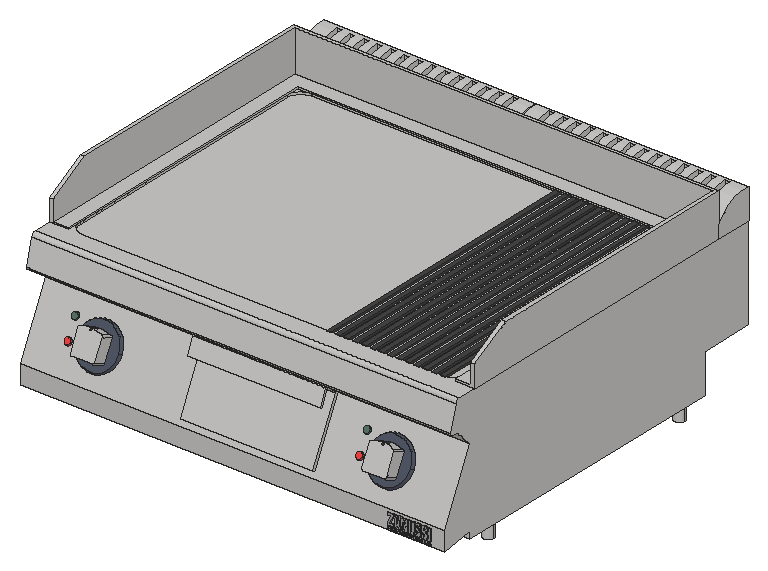
Revit family "QF_ZANUSSI_372347_Z7IIMDAOMEA", category Specialty Equipment, Revit 2018 (continued)
Automatic sketch dimensions
  Extrusion 32 sketch curve to plane 4 "RIGHT" = 196.102 mm
  Extrusion 32 sketch curve to Extrusion 32 sketch curve = 9 mm
  Extrusion 32 sketch curve to plane 10 "TOP A" = 3.2 mm
  Extrusion 33 sketch curve to plane 10 "TOP A" = 0 mm
  Extrusion 33 sketch curve to plane 4 "RIGHT" = 179.602 mm
  Extrusion 33 sketch curve to Extrusion 33 sketch curve = 9 mm
  Extrusion 33 sketch curve to plane 10 "TOP A" = 3.2 mm
  Extrusion 34 sketch curve to plane 10 "TOP A" = 0 mm
  Extrusion 34 sketch curve to plane 4 "RIGHT" = 163.102 mm
  Extrusion 34 sketch curve to Extrusion 34 sketch curve = 9 mm
  Extrusion 34 sketch curve to plane 10 "TOP A" = 3.2 mm
  Extrusion 35 sketch curve to plane 10 "TOP A" = 0 mm
  Extrusion 35 sketch curve to plane 4 "RIGHT" = 146.602 mm
  Extrusion 35 sketch curve to Extrusion 35 sketch curve = 9 mm
  Extrusion 35 sketch curve to plane 10 "TOP A" = 3.2 mm
  Extrusion 36 sketch curve to plane 10 "TOP A" = 0 mm
  Extrusion 36 sketch curve to plane 4 "RIGHT" = 130.102 mm
  Extrusion 36 sketch curve to Extrusion 36 sketch curve = 9 mm
  Extrusion 36 sketch curve to plane 10 "TOP A" = 3.2 mm
  Extrusion 37 sketch curve to plane 10 "TOP A" = 0 mm
  Extrusion 37 sketch curve to plane 4 "RIGHT" = 113.602 mm
  Extrusion 37 sketch curve to Extrusion 37 sketch curve = 9 mm
  Extrusion 37 sketch curve to plane 10 "TOP A" = 3.2 mm
  Extrusion 38 sketch curve to plane 10 "TOP A" = 0 mm
  Extrusion 38 sketch curve to plane 4 "RIGHT" = 97.102 mm
  Extrusion 38 sketch curve to Extrusion 38 sketch curve = 9 mm
  Extrusion 38 sketch curve to plane 10 "TOP A" = 3.2 mm
  Extrusion 39 sketch curve to plane 10 "TOP A" = 0 mm
  Extrusion 39 sketch curve to plane 4 "RIGHT" = 80.602 mm
  Extrusion 39 sketch curve to Extrusion 39 sketch curve = 9 mm
  Extrusion 39 sketch curve to plane 10 "TOP A" = 3.2 mm
  Extrusion 40 sketch curve to plane 10 "TOP A" = 0 mm
  Extrusion 40 sketch curve to plane 4 "RIGHT" = 64.102 mm
  Extrusion 40 sketch curve to Extrusion 40 sketch curve = 9 mm
  Extrusion 40 sketch curve to plane 10 "TOP A" = 3.2 mm
  curve 177 to curve 178 = 16.5 mm
  curve 178 to curve 179 = 16.5 mm
  curve 179 to curve 180 = 16.5 mm
  curve 180 to curve 181 = 16.5 mm
  curve 181 to curve 182 = 16.5 mm
  curve 182 to curve 183 = 16.5 mm
  curve 183 to curve 184 = 16.5 mm
  curve 184 to curve 185 = 16.5 mm
  curve 185 to curve 186 = 16.5 mm
  curve 186 to curve 187 = 16.5 mm
  curve 187 to curve 188 = 16.475 mm
  curve 188 to curve 189 = 16.5 mm
  curve 189 to curve 190 = 16.1 mm
  curve 143 to curve 189 = 18.876 mm
  curve 188 to curve 189 = 0 mm  (x2)
  curve 187 to curve 188 = 0 mm  (x2)
  curve 189 to curve 190 = 0 mm  (x2)
  curve 186 to curve 187 = 0 mm  (x2)
  curve 185 to curve 186 = 0 mm
  curve 184 to curve 185 = 0 mm  (x2)
  curve 183 to curve 184 = 0 mm  (x2)
  curve 177 to curve 178 = 0 mm  (x2)
  curve 182 to curve 183 = 0 mm  (x2)
  curve 181 to curve 182 = 0 mm  (x2)
  curve 180 to curve 181 = 0 mm  (x2)
  curve 178 to curve 179 = 0 mm  (x2)
  curve 178 to curve 120 = 40.974 mm
  curve 179 to curve 180 = 0 mm  (x2)
  curve 189 to curve 92 = 40.974 mm
  curve 177 to curve 121 = 6.156 mm
  radius of Extrusion 3 sketch curve = 9.525 mm  (x4)
  radius of Extrusion 4 sketch curve = 6.35 mm
  radius of Blend 15 sketch curve = 42.5 mm
  radius of Blend 15 sketch curve = 40.5 mm
  radius of Extrusion 18 sketch curve = 6 mm
  radius of Split face 1 sketch curve = 1.5 mm
  radius of Split face 2 sketch curve = 1.5 mm
  radius of Split face 3 sketch curve = 1.5 mm
  radius of Split face 4 sketch curve = 1.5 mm
  radius of Split face 5 sketch curve = 1.5 mm
  radius of Split face 6 sketch curve = 1.5 mm
  radius of Split face 7 sketch curve = 1.5 mm
  radius of Split face 8 sketch curve = 1.5 mm
  radius of Split face 9 sketch curve = 1.5 mm
  radius of Extrusion 20 sketch curve = 6 mm
  radius of Blend 21 sketch curve = 42.5 mm
  radius of Blend 21 sketch curve = 40.5 mm
  radius of Extrusion 24 sketch curve = 6 mm
  radius of Split face 10 sketch curve = 1.5 mm
  radius of Split face 11 sketch curve = 1.5 mm
  radius of Split face 12 sketch curve = 1.5 mm
  radius of Split face 13 sketch curve = 1.5 mm
  radius of Split face 14 sketch curve = 1.5 mm
  radius of Split face 15 sketch curve = 1.5 mm
  radius of Split face 16 sketch curve = 1.5 mm
  radius of Split face 17 sketch curve = 1.5 mm
  radius of Split face 18 sketch curve = 1.5 mm
  radius of Extrusion 26 sketch curve = 6 mm
Nested families
  nested 1: "ZAN_Logo_S_Grey_Professional" at (733.976, -715, 676.615) x (1, 0, 0) z (0, -1, 0), type "ZAN_Logo_S_Grey_Professional"
Connectors
  electrical at (749.2, -98.425, 688)
    settings: on Extrusion 4, index 1, voltage 0 V, apparent load 0 VA, apparent load phase1 0 VA, apparent load phase2 0 VA, apparent load phase3 0 VA, power factor 1, load classification "Other", number of poles 1, system type 30, power factor state 1, is connector primary yes, connector utility no, sub classification motor no, connector description "Electrical Connector"
Definition of nested family "ZAN_Logo_S_Grey_Professional"
  Parameters (values of type "ZAN_Logo_S_Grey_Professional")
    Default Elevation = 0 mm
    Materiale = none
  Reference planes
    plane 1 "Centro (Fronte/Retro)": y = 0
    plane 2: z = 0
    plane 3 "Centro (Sinistra/Destra)": x = 0
  Forms (mm)
    Extrusion 1, solid
      sketch origin (0, 0, 0) x (1, 0, 0) y (0, 1, 0)
        loop
          line (-1219.2, 1219.2) -> (-1219.2, -1219.2) -> (1219.2, -1219.2) -> (1219.2, 1219.2) -> (-1219.2, 1219.2)
      from 0 to -304.8
    Extrusion 2, solid, material <- "Materiale"
      sketch origin (17.793, -46.218, 0) x (-1, 0, 0) y (0, -1, 0)
        loop
          spline (-1.644, -54.786) -> (-1.034, -55.008) -> (-0.403, -55.173) -> (0.241, -55.279) -> (0.893, -55.327) -> (1.547, -55.314) -> (2.197, -55.242) -> (2.836, -55.109) -> (3.458, -54.916) -> (4.058, -54.662) -> (4.629, -54.345) -> (5.165, -53.967) -> (5.66, -53.526)
          spline (5.66, -53.526) -> (5.954, -53.066) -> (6.206, -52.57) -> (6.417, -52.047) -> (6.588, -51.502) -> (6.718, -50.944) -> (6.809, -50.378) -> (6.86, -49.813) -> (6.872, -49.254) -> (6.846, -48.71) -> (6.782, -48.186) -> (6.68, -47.691) -> (6.541, -47.23)
          line (6.541, -47.23) -> (4.526, -44.334) -> (2.386, -42.445)
          spline (2.386, -42.445) -> (2.16, -42.258) -> (1.927, -42.074) -> (1.689, -41.89) -> (1.448, -41.703) -> (1.207, -41.512) -> (0.969, -41.312) -> (0.736, -41.101) -> (0.511, -40.878) -> (0.296, -40.639) -> (0.095, -40.381) -> (-0.091, -40.103) -> (-0.259, -39.8)
          spline (-0.259, -39.8) -> (-0.29, -39.607) -> (-0.318, -39.405) -> (-0.339, -39.197) -> (-0.352, -38.984) -> (-0.352, -38.771) -> (-0.337, -38.557) -> (-0.304, -38.346) -> (-0.249, -38.14) -> (-0.17, -37.941) -> (-0.063, -37.751) -> (0.074, -37.573) -> (0.245, -37.408)
          line (0.245, -37.408) -> (1.882, -37.282)
          spline (1.882, -37.282) -> (2.188, -37.491) -> (2.42, -37.736) -> (2.586, -38.012) -> (2.698, -38.313) -> (2.765, -38.633) -> (2.795, -38.966) -> (2.799, -39.308) -> (2.787, -39.651) -> (2.767, -39.991) -> (2.751, -40.322) -> (2.746, -40.638) -> (2.763, -40.934)
          line (2.763, -40.934) -> (7.171, -40.934)
          spline (7.171, -40.934) -> (7.223, -40.399) -> (7.252, -39.866) -> (7.257, -39.336) -> (7.236, -38.812) -> (7.187, -38.295) -> (7.108, -37.786) -> (6.997, -37.288) -> (6.854, -36.802) -> (6.675, -36.33) -> (6.46, -35.874) -> (6.206, -35.435) -> (5.912, -35.015)
          spline (5.912, -35.015) -> (5.55, -34.687) -> (5.16, -34.396) -> (4.745, -34.14) -> (4.307, -33.92) -> (3.85, -33.734) -> (3.377, -33.583) -> (2.891, -33.466) -> (2.395, -33.383) -> (1.892, -33.333) -> (1.385, -33.316) -> (0.877, -33.331) -> (0.371, -33.378)
          spline (0.371, -33.378) -> (-0.163, -33.462) -> (-0.693, -33.587) -> (-1.213, -33.752) -> (-1.718, -33.957) -> (-2.205, -34.2) -> (-2.667, -34.48) -> (-3.1, -34.798) -> (-3.5, -35.151) -> (-3.861, -35.539) -> (-4.179, -35.961) -> (-4.449, -36.417) -> (-4.666, -36.904)
          spline (-4.666, -36.904) -> (-4.8, -37.505) -> (-4.888, -38.107) -> (-4.93, -38.709) -> (-4.927, -39.306) -> (-4.881, -39.897) -> (-4.792, -40.477) -> (-4.661, -41.045) -> (-4.489, -41.596) -> (-4.276, -42.128) -> (-4.025, -42.638) -> (-3.735, -43.122) -> (-3.407, -43.578)
          line (-3.407, -43.578) -> (1.63, -48.112) -> (2.26, -48.867)
          spline (2.26, -48.867) -> (2.325, -49.027) -> (2.392, -49.191) -> (2.459, -49.359) -> (2.521, -49.529) -> (2.576, -49.702) -> (2.622, -49.874) -> (2.654, -50.047) -> (2.67, -50.22) -> (2.667, -50.39) -> (2.642, -50.558) -> (2.591, -50.722) -> (2.512, -50.882)
          spline (2.512, -50.882) -> (2.439, -51.029) -> (2.347, -51.157) -> (2.24, -51.266) -> (2.12, -51.358) -> (1.989, -51.434) -> (1.851, -51.496) -> (1.707, -51.545) -> (1.56, -51.582) -> (1.414, -51.608) -> (1.27, -51.625) -> (1.131, -51.635) -> (1.001, -51.638)
          line (1.001, -51.638) -> (-0.259, -50.756) -> (-0.385, -48.112) -> (-4.54, -48.112)
          spline (-4.54, -48.112) -> (-4.545, -48.463) -> (-4.556, -48.822) -> (-4.572, -49.188) -> (-4.587, -49.557) -> (-4.598, -49.929) -> (-4.603, -50.3) -> (-4.597, -50.668) -> (-4.577, -51.031) -> (-4.54, -51.388) -> (-4.482, -51.735) -> (-4.399, -52.071) -> (-4.288, -52.393)
          spline (-4.288, -52.393) -> (-4.176, -52.644) -> (-4.031, -52.894) -> (-3.857, -53.139) -> (-3.659, -53.377) -> (-3.439, -53.607) -> (-3.202, -53.825) -> (-2.952, -54.031) -> (-2.693, -54.221) -> (-2.429, -54.394) -> (-2.163, -54.547) -> (-1.9, -54.678) -> (-1.644, -54.786)
        loop
          spline (-16.755, -52.519) -> (-16.407, -53.083) -> (-15.998, -53.58) -> (-15.535, -54.012) -> (-15.024, -54.38) -> (-14.474, -54.684) -> (-13.89, -54.927) -> (-13.28, -55.11) -> (-12.651, -55.233) -> (-12.009, -55.299) -> (-11.362, -55.308) -> (-10.717, -55.263) -> (-10.081, -55.163)
          spline (-10.081, -55.163) -> (-9.638, -55.08) -> (-9.196, -54.956) -> (-8.761, -54.793) -> (-8.336, -54.594) -> (-7.93, -54.36) -> (-7.547, -54.093) -> (-7.192, -53.794) -> (-6.872, -53.466) -> (-6.592, -53.109) -> (-6.358, -52.726) -> (-6.176, -52.319) -> (-6.051, -51.889)
          spline (-6.051, -51.889) -> (-5.857, -51.316) -> (-5.715, -50.731) -> (-5.626, -50.14) -> (-5.589, -49.548) -> (-5.605, -48.959) -> (-5.673, -48.379) -> (-5.794, -47.812) -> (-5.967, -47.263) -> (-6.193, -46.736) -> (-6.471, -46.237) -> (-6.802, -45.771) -> (-7.185, -45.341)
          line (-7.185, -45.341) -> (-11.844, -41.186) -> (-12.851, -39.675)
          spline (-12.851, -39.675) -> (-12.882, -39.483) -> (-12.91, -39.288) -> (-12.934, -39.09) -> (-12.949, -38.891) -> (-12.954, -38.692) -> (-12.946, -38.494) -> (-12.921, -38.299) -> (-12.879, -38.108) -> (-12.816, -37.922) -> (-12.729, -37.742) -> (-12.615, -37.57) -> (-12.473, -37.408)
          line (-12.473, -37.408) -> (-11.214, -37.156)
          spline (-11.214, -37.156) -> (-10.768, -37.262) -> (-10.429, -37.445) -> (-10.183, -37.695) -> (-10.015, -38) -> (-9.912, -38.349) -> (-9.86, -38.73) -> (-9.845, -39.132) -> (-9.852, -39.544) -> (-9.868, -39.954) -> (-9.879, -40.351) -> (-9.871, -40.723) -> (-9.829, -41.06)
          line (-9.829, -41.06) -> (-5.422, -40.934)
          spline (-5.422, -40.934) -> (-5.367, -40.392) -> (-5.333, -39.839) -> (-5.323, -39.279) -> (-5.342, -38.719) -> (-5.395, -38.162) -> (-5.485, -37.613) -> (-5.616, -37.077) -> (-5.795, -36.559) -> (-6.024, -36.064) -> (-6.308, -35.597) -> (-6.651, -35.162) -> (-7.059, -34.764)
          spline (-7.059, -34.764) -> (-7.58, -34.383) -> (-8.132, -34.06) -> (-8.711, -33.794) -> (-9.311, -33.584) -> (-9.927, -33.43) -> (-10.553, -33.331) -> (-11.184, -33.288) -> (-11.816, -33.299) -> (-12.442, -33.365) -> (-13.057, -33.484) -> (-13.657, -33.657) -> (-14.236, -33.882)
          spline (-14.236, -33.882) -> (-14.49, -33.99) -> (-14.747, -34.121) -> (-15.006, -34.276) -> (-15.262, -34.451) -> (-15.515, -34.646) -> (-15.763, -34.858) -> (-16.003, -35.086) -> (-16.232, -35.328) -> (-16.45, -35.582) -> (-16.653, -35.847) -> (-16.839, -36.12) -> (-17.007, -36.401)
          spline (-17.007, -36.401) -> (-17.229, -37.006) -> (-17.395, -37.624) -> (-17.502, -38.25) -> (-17.552, -38.882) -> (-17.544, -39.515) -> (-17.479, -40.147) -> (-17.355, -40.773) -> (-17.174, -41.391) -> (-16.936, -41.996) -> (-16.639, -42.586) -> (-16.285, -43.157) -> (-15.873, -43.704)
          line (-15.873, -43.704) -> (-10.584, -48.489) -> (-9.955, -50.126) -> (-10.459, -51.386) -> (-11.592, -51.638) -> (-12.851, -50.756) -> (-12.977, -48.238) -> (-17.258, -48.112)
          spline (-17.258, -48.112) -> (-17.236, -48.492) -> (-17.23, -48.875) -> (-17.233, -49.261) -> (-17.24, -49.646) -> (-17.245, -50.03) -> (-17.243, -50.41) -> (-17.227, -50.785) -> (-17.193, -51.152) -> (-17.134, -51.512) -> (-17.046, -51.86) -> (-16.921, -52.196) -> (-16.755, -52.519)
        loop
          line (-18.014, -33.378) -> (-22.421, -33.378) -> (-22.421, -54.911) -> (-18.014, -54.911) -> (-18.014, -33.378)
        loop
          line (14.852, -38.541) -> (14.852, -54.911) -> (19.259, -54.911) -> (19.259, -40.43) -> (19.008, -36.904) -> (18.63, -36.023) -> (17.748, -34.89) -> (16.867, -34.26) -> (15.104, -33.504) -> (14.223, -33.378) -> (12.208, -33.378) -> (11.2, -33.63) -> (9.689, -34.512) -> (7.926, -37.03) -> (7.8, -37.912) -> (7.8, -54.911) -> (12.208, -54.911) -> (12.208, -38.919) -> (12.711, -37.786) -> (14.097, -37.66) -> (14.852, -38.541)
        loop
          line (20.267, -54.911) -> (24.296, -54.911) -> (24.296, -41.186) -> (27.948, -54.911) -> (32.607, -54.911) -> (32.607, -33.378) -> (28.704, -33.378) -> (28.704, -47.608) -> (25.052, -33.378) -> (20.267, -33.378) -> (20.267, -54.911)
        loop
          line (47.089, -54.911) -> (58.044, -54.911) -> (58.044, -50.882) -> (52.251, -51.008) -> (58.548, -37.786) -> (58.548, -33.378) -> (47.089, -33.378) -> (47.089, -37.786) -> (53.698, -37.786) -> (47.089, -51.26) -> (47.089, -54.911)
        loop
          line (36.889, -54.911) -> (42.933, -54.911) -> (46.837, -33.378) -> (42.303, -33.378) -> (41.674, -37.534) -> (38.022, -37.534) -> (37.392, -33.378) -> (32.859, -33.378) -> (36.889, -54.911)
        loop
          line (41.17, -41.438) -> (38.652, -41.438) -> (39.911, -51.231) -> (41.17, -41.438)
        loop
          line (57.627, -27.599) -> (56.511, -27.599)
          arc (56.511, -27.599) -> (55.334, -29.219) -> (56.822, -30.559) r 1.496
          line (56.822, -30.559) -> (58.548, -30.559) -> (58.548, -26.082) -> (57.627, -26.082) -> (57.627, -27.599)
        loop
          line (57.627, -29.713) -> (57.627, -28.464) -> (56.699, -28.464)
          arc (56.699, -28.464) -> (56.24, -29.089) -> (56.699, -29.713) r 0.654
          line (56.699, -29.713) -> (57.627, -29.713)
        loop
          line (50.633, -27.625) -> (49.682, -27.625) -> (48.755, -26.082) -> (47.711, -26.082) -> (48.871, -27.993)
          arc (48.871, -27.993) -> (48.433, -29.601) -> (49.798, -30.559) r 1.45
          line (49.798, -30.559) -> (51.553, -30.559) -> (51.553, -26.082) -> (50.633, -26.082) -> (50.633, -27.625)
        loop
          line (50.633, -29.713) -> (50.633, -28.464) -> (49.705, -28.464)
          arc (49.705, -28.464) -> (49.245, -29.089) -> (49.705, -29.713) r 0.654
          line (49.705, -29.713) -> (50.633, -29.713)
        loop
          line (36.111, -26.082) -> (35.19, -26.082) -> (35.19, -27.797) -> (33.505, -27.797) -> (33.505, -28.718) -> (35.19, -28.718) -> (35.19, -29.639) -> (33.344, -29.639) -> (33.344, -30.559) -> (36.111, -30.559) -> (36.111, -26.082)
        loop
          line (29.546, -26.082) -> (26.666, -26.082) -> (26.666, -27.002) -> (28.626, -27.002) -> (28.626, -27.797) -> (26.835, -27.797) -> (26.835, -28.718) -> (28.626, -28.718) -> (28.626, -29.639) -> (26.71, -29.639) -> (26.71, -30.559) -> (29.546, -30.559) -> (29.546, -26.082)
        loop
          line (9.21, -26.082) -> (8.289, -26.082) -> (8.289, -30.559) -> (9.21, -30.559) -> (9.21, -26.082)
        loop
          line (-5.024, -26.082) -> (-5.024, -28.898) -> (-7.072, -26.082) -> (-7.993, -26.082) -> (-7.993, -30.559) -> (-7.037, -30.559) -> (-7.037, -27.659) -> (-4.989, -30.559) -> (-4.069, -30.559) -> (-4.069, -26.082) -> (-5.024, -26.082)
        loop
          line (-11.621, -26.082) -> (-12.61, -26.082) -> (-13.045, -27.048) -> (-14.702, -27.048) -> (-15.137, -26.082) -> (-16.125, -26.082) -> (-14.375, -30.558) -> (-13.454, -30.558) -> (-11.621, -26.082)
        loop
          line (-19.779, -26.082) -> (-22.421, -26.082) -> (-22.421, -27.002) -> (-20.7, -27.002) -> (-20.7, -30.559) -> (-19.779, -30.559) -> (-19.779, -26.082)
        loop
          line (-13.875, -29.102) -> (-13.395, -27.931) -> (-14.333, -27.931) -> (-13.875, -29.102)
        loop
          circle (2.094, -28.293) r 1.482
        loop
          circle (2.094, -28.293) r 2.376
        loop
          arc (16.413, -27.085) -> (15.386, -26.141) -> (13.991, -26.107) r 1.985
          arc (13.991, -26.107) -> (13.047, -26.998) -> (13.375, -28.254) r 1.274
          arc (13.375, -28.254) -> (14.04, -28.662) -> (14.749, -28.985) r 6.355
          arc (14.749, -28.985) -> (15.14, -29.579) -> (14.494, -29.876) r 0.469
          arc (14.494, -29.876) -> (14.107, -29.64) -> (13.784, -29.321) r 1.958
          line (13.784, -29.321) -> (12.995, -29.795)
          arc (12.995, -29.795) -> (13.493, -30.326) -> (14.109, -30.712) r 2.834
          arc (14.109, -30.712) -> (16.031, -29.813) -> (14.826, -28.067) r 1.389
          spline (14.826, -28.067) -> (14.485, -27.906) -> (14.237, -27.756) -> (14.069, -27.617) -> (13.971, -27.49) -> (13.931, -27.375) -> (13.937, -27.273) -> (13.977, -27.185) -> (14.041, -27.112) -> (14.116, -27.053) -> (14.191, -27.011) -> (14.254, -26.985) -> (14.293, -26.976)
          arc (14.293, -26.976) -> (15.035, -26.992) -> (15.586, -27.489) r 1.064
          line (15.586, -27.489) -> (16.413, -27.085)
        loop
          arc (23.156, -27.085) -> (22.129, -26.141) -> (20.734, -26.107) r 1.985
          arc (20.734, -26.107) -> (19.79, -26.998) -> (20.118, -28.254) r 1.274
          arc (20.118, -28.254) -> (20.783, -28.662) -> (21.492, -28.985) r 6.355
          arc (21.492, -28.985) -> (21.883, -29.579) -> (21.237, -29.876) r 0.469
          arc (21.237, -29.876) -> (20.849, -29.64) -> (20.527, -29.321) r 1.958
          line (20.527, -29.321) -> (19.738, -29.795)
          arc (19.738, -29.795) -> (20.236, -30.326) -> (20.852, -30.712) r 2.834
          arc (20.852, -30.712) -> (22.774, -29.813) -> (21.568, -28.067) r 1.389
          spline (21.568, -28.067) -> (21.228, -27.906) -> (20.979, -27.756) -> (20.812, -27.617) -> (20.714, -27.49) -> (20.674, -27.375) -> (20.68, -27.273) -> (20.72, -27.185) -> (20.784, -27.112) -> (20.859, -27.053) -> (20.933, -27.011) -> (20.996, -26.985) -> (21.036, -26.976)
          arc (21.036, -26.976) -> (21.778, -26.992) -> (22.329, -27.489) r 1.064
          line (22.329, -27.489) -> (23.156, -27.085)
        loop
          circle (42.369, -28.293) r 1.482
        loop
          circle (42.369, -28.293) r 2.376
      from 0 to 1.644
  Dimensions and locks
    aligned and locked: plane 2 to Extrusion 1
    aligned and locked: level to Extrusion 1
